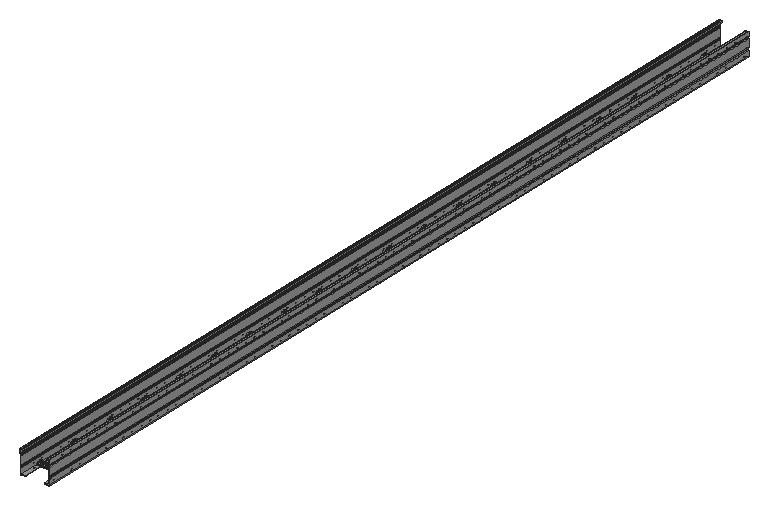
Revit family "Weitspannkabelleiter WKLG1620 FT,FS FT SO A4.23.08", category Generic Models, Revit 2017 (continued)
Automatic sketch dimensions
  Extrusion 1 sketch curve to Extrusion 1 sketch curve = 0.7 mm
  Extrusion 1 sketch curve to plane 6 = 1.862 mm
  Extrusion 1 sketch curve to Extrusion 1 sketch curve = 0.671 mm
  Extrusion 1 sketch curve to Extrusion 1 sketch curve = 2 mm  (x2)
  plane 8 to Extrusion 1 sketch curve = 0.308 mm
  plane 13 to Extrusion 1 sketch curve = 0.776 mm
  Extrusion 1 sketch curve to plane 6 = 0.623 mm
  Extrusion 1 sketch curve to plane 13 = 0.402 mm
  Extrusion 1 sketch curve to Extrusion 1 sketch curve = 1.531 mm
  Extrusion 1 sketch curve to Extrusion 1 sketch curve = 0.5 mm  (x5)
  plane 13 to Extrusion 1 sketch curve = 0.348 mm
  plane 15 to Extrusion 1 sketch curve = 0.369 mm
  Extrusion 1 sketch curve to Extrusion 1 sketch curve = 0.219 mm
  Extrusion 1 sketch curve to plane 4 = 2.104 mm
  Extrusion 1 sketch curve to Extrusion 1 sketch curve = 1 mm  (x3)
  Extrusion 1 sketch curve to plane 13 = 0.974 mm
  Extrusion 1 sketch curve to plane 5 = 2 mm
  Extrusion 1 sketch curve to Extrusion 1 sketch curve = 14 mm  (x2)
  Extrusion 1 sketch curve to Extrusion 1 sketch curve = 31.5 mm  (x2)
  plane 3 "Center (Left/Right)" to Extrusion 1 sketch curve = 65 mm
  Extrusion 1 sketch curve to plane 5 = 2.5 mm
  plane 3 "Center (Left/Right)" to Extrusion 1 sketch curve = 80 mm
  Extrusion 1 sketch curve to plane 15 = 0.877 mm
  Extrusion 1 sketch curve to Extrusion 1 sketch curve = 29.5 mm
  Extrusion 1 sketch curve to plane 4 = 3.793 mm
  Extrusion 1 sketch curve to Extrusion 1 sketch curve = 0.726 mm
  plane 6 to Extrusion 1 sketch curve = 2.076 mm
  Extrusion 1 sketch curve to Extrusion 1 sketch curve = 13.247 mm
  plane 13 to Extrusion 1 sketch curve = 3.336 mm
  Extrusion 1 sketch curve to Extrusion 1 sketch curve = 0.438 mm
  Extrusion 1 sketch curve to plane 6 = 2.293 mm
  Extrusion 1 sketch curve to Extrusion 1 sketch curve = 0.575 mm
  plane 8 to Extrusion 1 sketch curve = 1.38 mm
  Extrusion 1 sketch curve to Extrusion 1 sketch curve = 0.753 mm
  plane 7 to Extrusion 1 sketch curve = 0.908 mm
  Extrusion 1 sketch curve to Extrusion 1 sketch curve = 0.677 mm
  Extrusion 1 sketch curve to plane 5 = 3.5 mm
  Extrusion 1 sketch curve to plane 13 = 0.473 mm
  Extrusion 1 sketch curve to Extrusion 1 sketch curve = 0.836 mm
  level to Extrusion 1 sketch curve = 3.5 mm
  plane 6 to Extrusion 1 sketch curve = 1.076 mm
  Extrusion 1 sketch curve to Extrusion 1 sketch curve = 1.402 mm
  Extrusion 1 sketch curve to plane 4 = 2.85 mm
  Extrusion 1 sketch curve to Extrusion 1 sketch curve = 1.764 mm
  Extrusion 1 sketch curve to plane 6 = 0.879 mm
  plane 4 to Extrusion 1 sketch curve = 2.377 mm
  Extrusion 1 sketch curve to plane 15 = 0.125 mm
  Extrusion 1 sketch curve to Extrusion 1 sketch curve = 3 mm
  Extrusion 1 sketch curve to plane 6 = 4.031 mm
  Extrusion 1 sketch curve to plane 6 = 2.617 mm
  Extrusion 1 sketch curve to Extrusion 1 sketch curve = 1.414 mm
  Extrusion 1 sketch curve to plane 8 = 0.62 mm
  Extrusion 1 sketch curve to Extrusion 1 sketch curve = 1.732 mm
  level to Extrusion 1 sketch curve = 2 mm
  Extrusion 2 sketch curve to Extrusion 2 sketch curve = 0.938 mm  (x2)
  Extrusion 2 sketch curve to Extrusion 2 sketch curve = 0.5 mm  (x2)
  Extrusion 3 sketch curve to Extrusion 3 sketch curve = 0.938 mm  (x2)
  Extrusion 3 sketch curve to Extrusion 3 sketch curve = 0.5 mm  (x2)
  Extrusion 4 sketch curve to Extrusion 4 sketch curve = 0.938 mm  (x2)
  Extrusion 4 sketch curve to Extrusion 4 sketch curve = 0.5 mm  (x2)
  Extrusion 5 sketch curve to Extrusion 5 sketch curve = 0.938 mm  (x2)
  Extrusion 5 sketch curve to Extrusion 5 sketch curve = 0.5 mm  (x2)
  Extrusion 6 sketch curve to Extrusion 6 sketch curve = 0.938 mm  (x2)
  Extrusion 6 sketch curve to Extrusion 6 sketch curve = 0.5 mm  (x2)
  Extrusion 7 sketch curve to Extrusion 7 sketch curve = 0.938 mm  (x2)
  Extrusion 7 sketch curve to Extrusion 7 sketch curve = 0.5 mm  (x2)
  Extrusion 8 sketch curve to Extrusion 8 sketch curve = 0.938 mm  (x2)
  Extrusion 8 sketch curve to Extrusion 8 sketch curve = 0.5 mm  (x2)
  Extrusion 9 sketch curve to Extrusion 9 sketch curve = 0.938 mm  (x2)
  Extrusion 9 sketch curve to Extrusion 9 sketch curve = 0.5 mm  (x2)
  Extrusion 10 sketch curve to Extrusion 10 sketch curve = 0.938 mm  (x2)
  Extrusion 10 sketch curve to Extrusion 10 sketch curve = 0.5 mm  (x2)
  Extrusion 11 sketch curve to Extrusion 11 sketch curve = 0.938 mm  (x2)
  Extrusion 11 sketch curve to Extrusion 11 sketch curve = 0.5 mm  (x2)
  Extrusion 12 sketch curve to Extrusion 12 sketch curve = 0.938 mm  (x2)
  Extrusion 12 sketch curve to Extrusion 12 sketch curve = 0.5 mm  (x2)
  Extrusion 13 sketch curve to Extrusion 13 sketch curve = 0.938 mm  (x2)
  Extrusion 13 sketch curve to Extrusion 13 sketch curve = 0.5 mm  (x2)
  Extrusion 14 sketch curve to Extrusion 14 sketch curve = 0.938 mm  (x2)
  Extrusion 14 sketch curve to Extrusion 14 sketch curve = 0.5 mm  (x2)
  Extrusion 15 sketch curve to Extrusion 15 sketch curve = 0.938 mm  (x2)
  Extrusion 15 sketch curve to Extrusion 15 sketch curve = 0.5 mm  (x2)
  Extrusion 16 sketch curve to Extrusion 16 sketch curve = 0.938 mm  (x2)
  Extrusion 16 sketch curve to Extrusion 16 sketch curve = 0.5 mm  (x2)
  Extrusion 17 sketch curve to Extrusion 17 sketch curve = 0.938 mm  (x2)
  Extrusion 17 sketch curve to Extrusion 17 sketch curve = 0.5 mm  (x2)
  Extrusion 18 sketch curve to Extrusion 18 sketch curve = 0.938 mm  (x2)
  Extrusion 18 sketch curve to Extrusion 18 sketch curve = 0.5 mm  (x2)
  Extrusion 19 sketch curve to Extrusion 19 sketch curve = 0.938 mm  (x2)
  Extrusion 19 sketch curve to Extrusion 19 sketch curve = 0.5 mm  (x2)
  Extrusion 20 sketch curve to Extrusion 20 sketch curve = 0.938 mm  (x2)
  Extrusion 20 sketch curve to Extrusion 20 sketch curve = 0.5 mm  (x2)
  Extrusion 21 sketch curve to Extrusion 21 sketch curve = 0.938 mm  (x2)
  Extrusion 21 sketch curve to Extrusion 21 sketch curve = 0.5 mm  (x2)
  Extrusion 22 sketch curve to Extrusion 22 sketch curve = 0.938 mm  (x2)
  Extrusion 22 sketch curve to Extrusion 22 sketch curve = 0.5 mm  (x2)
  Extrusion 23 sketch curve to Extrusion 23 sketch curve = 0.938 mm  (x2)
  Extrusion 23 sketch curve to Extrusion 23 sketch curve = 0.5 mm  (x2)
  Extrusion 24 sketch curve to Extrusion 24 sketch curve = 0.938 mm  (x2)
  Extrusion 24 sketch curve to Extrusion 24 sketch curve = 0.5 mm  (x2)
  Extrusion 25 sketch curve to Extrusion 25 sketch curve = 0.938 mm  (x2)
  Extrusion 25 sketch curve to Extrusion 25 sketch curve = 0.5 mm  (x2)
  Extrusion 26 sketch curve to Extrusion 26 sketch curve = 0.938 mm  (x2)
  Extrusion 26 sketch curve to Extrusion 26 sketch curve = 0.5 mm  (x2)
  Extrusion 27 sketch curve to Extrusion 27 sketch curve = 0.938 mm  (x2)
  Extrusion 27 sketch curve to Extrusion 27 sketch curve = 0.5 mm  (x2)
  Extrusion 28 sketch curve to Extrusion 28 sketch curve = 0.938 mm  (x2)
  Extrusion 28 sketch curve to Extrusion 28 sketch curve = 0.5 mm  (x2)
  Extrusion 29 sketch curve to Extrusion 29 sketch curve = 0.938 mm  (x2)
  Extrusion 29 sketch curve to Extrusion 29 sketch curve = 0.5 mm  (x2)
  Extrusion 30 sketch curve to Extrusion 30 sketch curve = 0.938 mm  (x2)
  Extrusion 30 sketch curve to Extrusion 30 sketch curve = 0.5 mm  (x2)
  Extrusion 31 sketch curve to Extrusion 31 sketch curve = 0.938 mm  (x2)
  Extrusion 31 sketch curve to Extrusion 31 sketch curve = 0.5 mm  (x2)
  Extrusion 32 sketch curve to Extrusion 32 sketch curve = 0.938 mm  (x2)
  Extrusion 32 sketch curve to Extrusion 32 sketch curve = 0.5 mm  (x2)
  Extrusion 33 sketch curve to Extrusion 33 sketch curve = 0.938 mm  (x2)
  Extrusion 33 sketch curve to Extrusion 33 sketch curve = 0.5 mm  (x2)
  Extrusion 34 sketch curve to Extrusion 34 sketch curve = 0.938 mm  (x2)
  Extrusion 34 sketch curve to Extrusion 34 sketch curve = 0.5 mm  (x2)
  Extrusion 35 sketch curve to Extrusion 35 sketch curve = 0.938 mm  (x2)
  Extrusion 35 sketch curve to Extrusion 35 sketch curve = 0.5 mm  (x2)
  Extrusion 36 sketch curve to Extrusion 36 sketch curve = 0.938 mm  (x2)
  Extrusion 36 sketch curve to Extrusion 36 sketch curve = 0.5 mm  (x2)
  Extrusion 37 sketch curve to Extrusion 37 sketch curve = 0.938 mm  (x2)
  Extrusion 37 sketch curve to Extrusion 37 sketch curve = 0.5 mm  (x2)
  Extrusion 38 sketch curve to Extrusion 38 sketch curve = 0.938 mm  (x2)
  Extrusion 38 sketch curve to Extrusion 38 sketch curve = 0.5 mm  (x2)
  Extrusion 39 sketch curve to Extrusion 39 sketch curve = 0.938 mm  (x2)
  Extrusion 39 sketch curve to Extrusion 39 sketch curve = 0.5 mm  (x2)
  Extrusion 40 sketch curve to Extrusion 40 sketch curve = 0.938 mm  (x2)
  Extrusion 40 sketch curve to Extrusion 40 sketch curve = 0.5 mm  (x2)
  Extrusion 41 sketch curve to Extrusion 41 sketch curve = 0.938 mm  (x2)
  Extrusion 41 sketch curve to Extrusion 41 sketch curve = 0.5 mm  (x2)
  Extrusion 42 sketch curve to Extrusion 42 sketch curve = 0.938 mm  (x2)
  Extrusion 42 sketch curve to Extrusion 42 sketch curve = 0.5 mm  (x2)
  Extrusion 43 sketch curve to Extrusion 43 sketch curve = 0.938 mm  (x2)
  Extrusion 43 sketch curve to Extrusion 43 sketch curve = 0.5 mm  (x2)
  Extrusion 44 sketch curve to Extrusion 44 sketch curve = 0.938 mm  (x2)
  Extrusion 44 sketch curve to Extrusion 44 sketch curve = 0.5 mm  (x2)
  Extrusion 45 sketch curve to Extrusion 45 sketch curve = 0.938 mm  (x2)
  Extrusion 45 sketch curve to Extrusion 45 sketch curve = 0.5 mm  (x2)
  Extrusion 46 sketch curve to Extrusion 46 sketch curve = 0.938 mm  (x2)
  Extrusion 46 sketch curve to Extrusion 46 sketch curve = 0.5 mm  (x2)
  Extrusion 47 sketch curve to Extrusion 47 sketch curve = 0.938 mm  (x2)
  Extrusion 47 sketch curve to Extrusion 47 sketch curve = 0.5 mm  (x2)
  Extrusion 48 sketch curve to Extrusion 48 sketch curve = 0.938 mm  (x2)
  Extrusion 48 sketch curve to Extrusion 48 sketch curve = 0.5 mm  (x2)
  Extrusion 49 sketch curve to Extrusion 49 sketch curve = 0.938 mm  (x2)
  Extrusion 49 sketch curve to Extrusion 49 sketch curve = 0.5 mm  (x2)
  Extrusion 50 sketch curve to Extrusion 50 sketch curve = 0.938 mm  (x2)
  Extrusion 50 sketch curve to Extrusion 50 sketch curve = 0.5 mm  (x2)
  Extrusion 51 sketch curve to Extrusion 51 sketch curve = 0.938 mm  (x2)
  Extrusion 51 sketch curve to Extrusion 51 sketch curve = 0.5 mm  (x2)
  Extrusion 52 sketch curve to Extrusion 52 sketch curve = 0.938 mm  (x2)
  Extrusion 52 sketch curve to Extrusion 52 sketch curve = 0.5 mm  (x2)
  Extrusion 53 sketch curve to Extrusion 53 sketch curve = 0.938 mm  (x2)
  Extrusion 53 sketch curve to Extrusion 53 sketch curve = 0.5 mm  (x2)
  Extrusion 54 sketch curve to Extrusion 54 sketch curve = 0.938 mm  (x2)
  Extrusion 54 sketch curve to Extrusion 54 sketch curve = 0.5 mm  (x2)
  Extrusion 55 sketch curve to Extrusion 55 sketch curve = 0.938 mm  (x2)
  Extrusion 55 sketch curve to Extrusion 55 sketch curve = 0.5 mm  (x2)
  Extrusion 56 sketch curve to Extrusion 56 sketch curve = 0.938 mm  (x2)
  Extrusion 56 sketch curve to Extrusion 56 sketch curve = 0.5 mm  (x2)
  Extrusion 57 sketch curve to Extrusion 57 sketch curve = 0.938 mm  (x2)
  Extrusion 57 sketch curve to Extrusion 57 sketch curve = 0.5 mm  (x2)
  Extrusion 58 sketch curve to Extrusion 58 sketch curve = 0.938 mm  (x2)
  Extrusion 58 sketch curve to Extrusion 58 sketch curve = 0.5 mm  (x2)
  Extrusion 59 sketch curve to Extrusion 59 sketch curve = 0.938 mm  (x2)
  Extrusion 59 sketch curve to Extrusion 59 sketch curve = 0.5 mm  (x2)
  Extrusion 60 sketch curve to Extrusion 60 sketch curve = 0.938 mm  (x2)
  Extrusion 60 sketch curve to Extrusion 60 sketch curve = 0.5 mm  (x2)
  Extrusion 61 sketch curve to Extrusion 61 sketch curve = 0.938 mm  (x2)
  Extrusion 61 sketch curve to Extrusion 61 sketch curve = 0.5 mm  (x2)
  Extrusion 62 sketch curve to Extrusion 62 sketch curve = 0.938 mm  (x2)
  Extrusion 62 sketch curve to Extrusion 62 sketch curve = 0.5 mm  (x2)
  Extrusion 63 sketch curve to Extrusion 63 sketch curve = 0.938 mm  (x2)
  Extrusion 63 sketch curve to Extrusion 63 sketch curve = 0.5 mm  (x2)
  Extrusion 64 sketch curve to Extrusion 64 sketch curve = 0.938 mm  (x2)
  Extrusion 64 sketch curve to Extrusion 64 sketch curve = 0.5 mm  (x2)
  Extrusion 65 sketch curve to Extrusion 65 sketch curve = 0.938 mm  (x2)
  Extrusion 65 sketch curve to Extrusion 65 sketch curve = 0.5 mm  (x2)
  Extrusion 66 sketch curve to Extrusion 66 sketch curve = 0.938 mm  (x2)
  Extrusion 66 sketch curve to Extrusion 66 sketch curve = 0.5 mm  (x2)
  Extrusion 67 sketch curve to Extrusion 67 sketch curve = 0.938 mm  (x2)
  Extrusion 67 sketch curve to Extrusion 67 sketch curve = 0.5 mm  (x2)
  Extrusion 68 sketch curve to Extrusion 68 sketch curve = 0.938 mm  (x2)
  Extrusion 68 sketch curve to Extrusion 68 sketch curve = 0.5 mm  (x2)
  Extrusion 69 sketch curve to Extrusion 69 sketch curve = 0.938 mm  (x2)
  Extrusion 69 sketch curve to Extrusion 69 sketch curve = 0.5 mm  (x2)
  Extrusion 70 sketch curve to Extrusion 70 sketch curve = 0.938 mm  (x2)
  Extrusion 70 sketch curve to Extrusion 70 sketch curve = 0.5 mm  (x2)
  Extrusion 71 sketch curve to Extrusion 71 sketch curve = 0.938 mm  (x2)
  Extrusion 71 sketch curve to Extrusion 71 sketch curve = 0.5 mm  (x2)
  Extrusion 72 sketch curve to Extrusion 72 sketch curve = 0.938 mm  (x2)
  Extrusion 72 sketch curve to Extrusion 72 sketch curve = 0.5 mm  (x2)
  Extrusion 73 sketch curve to Extrusion 73 sketch curve = 0.938 mm  (x2)
  Extrusion 73 sketch curve to Extrusion 73 sketch curve = 0.5 mm  (x2)
  Extrusion 74 sketch curve to Extrusion 74 sketch curve = 0.938 mm  (x2)
  Extrusion 74 sketch curve to Extrusion 74 sketch curve = 0.5 mm  (x2)
  Extrusion 75 sketch curve to Extrusion 75 sketch curve = 0.938 mm  (x2)
  Extrusion 75 sketch curve to Extrusion 75 sketch curve = 0.5 mm  (x2)
  Extrusion 76 sketch curve to Extrusion 76 sketch curve = 0.938 mm  (x2)
  Extrusion 76 sketch curve to Extrusion 76 sketch curve = 0.5 mm  (x2)
  Extrusion 77 sketch curve to Extrusion 77 sketch curve = 0.938 mm  (x2)
  Extrusion 77 sketch curve to Extrusion 77 sketch curve = 0.5 mm  (x2)
  Extrusion 78 sketch curve to Extrusion 78 sketch curve = 0.938 mm  (x2)
  Extrusion 78 sketch curve to Extrusion 78 sketch curve = 0.5 mm  (x2)
  Extrusion 79 sketch curve to Extrusion 79 sketch curve = 0.938 mm  (x2)
  Extrusion 79 sketch curve to Extrusion 79 sketch curve = 0.5 mm  (x2)
  Extrusion 80 sketch curve to Extrusion 80 sketch curve = 0.938 mm  (x2)
  Extrusion 80 sketch curve to Extrusion 80 sketch curve = 0.5 mm  (x2)
  Extrusion 81 sketch curve to Extrusion 81 sketch curve = 0.938 mm  (x2)
  Extrusion 81 sketch curve to Extrusion 81 sketch curve = 0.5 mm  (x2)
  Extrusion 82 sketch curve to Extrusion 82 sketch curve = 0.5 mm  (x3)
  Extrusion 82 sketch curve to Extrusion 82 sketch curve = 0.542 mm
  Extrusion 83 sketch curve to Extrusion 83 sketch curve = 0.5 mm  (x3)
  Extrusion 83 sketch curve to Extrusion 83 sketch curve = 0.542 mm
  Extrusion 84 sketch curve to Extrusion 84 sketch curve = 0.5 mm  (x3)
  Extrusion 84 sketch curve to Extrusion 84 sketch curve = 0.542 mm
  Extrusion 85 sketch curve to Extrusion 85 sketch curve = 0.5 mm  (x3)
  Extrusion 85 sketch curve to Extrusion 85 sketch curve = 0.542 mm
  Extrusion 86 sketch curve to Extrusion 86 sketch curve = 0.5 mm  (x3)
  Extrusion 86 sketch curve to Extrusion 86 sketch curve = 0.542 mm
  Extrusion 87 sketch curve to Extrusion 87 sketch curve = 0.5 mm  (x3)
  Extrusion 87 sketch curve to Extrusion 87 sketch curve = 0.542 mm
  Extrusion 88 sketch curve to Extrusion 88 sketch curve = 0.5 mm  (x3)
  Extrusion 88 sketch curve to Extrusion 88 sketch curve = 0.542 mm
  Extrusion 89 sketch curve to Extrusion 89 sketch curve = 0.5 mm  (x3)
  Extrusion 89 sketch curve to Extrusion 89 sketch curve = 0.542 mm
  Extrusion 90 sketch curve to Extrusion 90 sketch curve = 0.5 mm  (x3)
  Extrusion 90 sketch curve to Extrusion 90 sketch curve = 0.542 mm
  Extrusion 91 sketch curve to Extrusion 91 sketch curve = 0.5 mm  (x3)
  Extrusion 91 sketch curve to Extrusion 91 sketch curve = 0.542 mm
  Extrusion 92 sketch curve to Extrusion 92 sketch curve = 0.5 mm  (x3)
  Extrusion 92 sketch curve to Extrusion 92 sketch curve = 0.542 mm
  Extrusion 93 sketch curve to Extrusion 93 sketch curve = 0.5 mm  (x3)
  Extrusion 93 sketch curve to Extrusion 93 sketch curve = 0.542 mm
  Extrusion 94 sketch curve to Extrusion 94 sketch curve = 0.5 mm  (x3)
  Extrusion 94 sketch curve to Extrusion 94 sketch curve = 0.542 mm
  Extrusion 95 sketch curve to Extrusion 95 sketch curve = 0.5 mm  (x3)
  Extrusion 95 sketch curve to Extrusion 95 sketch curve = 0.542 mm
  Extrusion 96 sketch curve to Extrusion 96 sketch curve = 0.5 mm  (x3)
  Extrusion 96 sketch curve to Extrusion 96 sketch curve = 0.542 mm
  Extrusion 97 sketch curve to Extrusion 97 sketch curve = 0.5 mm  (x3)
  Extrusion 97 sketch curve to Extrusion 97 sketch curve = 0.542 mm
  Extrusion 98 sketch curve to Extrusion 98 sketch curve = 0.5 mm  (x3)
  Extrusion 98 sketch curve to Extrusion 98 sketch curve = 0.542 mm
  Extrusion 99 sketch curve to Extrusion 99 sketch curve = 0.5 mm  (x3)
  Extrusion 99 sketch curve to Extrusion 99 sketch curve = 0.542 mm
  Extrusion 100 sketch curve to Extrusion 100 sketch curve = 0.5 mm  (x3)
  Extrusion 100 sketch curve to Extrusion 100 sketch curve = 0.542 mm
  Extrusion 101 sketch curve to Extrusion 101 sketch curve = 0.5 mm  (x3)
  Extrusion 101 sketch curve to Extrusion 101 sketch curve = 0.542 mm
  Extrusion 102 sketch curve to Extrusion 102 sketch curve = 0.5 mm  (x3)
  Extrusion 102 sketch curve to Extrusion 102 sketch curve = 0.542 mm
  Extrusion 103 sketch curve to Extrusion 103 sketch curve = 0.5 mm  (x3)
  Extrusion 103 sketch curve to Extrusion 103 sketch curve = 0.542 mm
  Extrusion 104 sketch curve to Extrusion 104 sketch curve = 0.5 mm  (x3)
  Extrusion 104 sketch curve to Extrusion 104 sketch curve = 0.542 mm
  Extrusion 105 sketch curve to Extrusion 105 sketch curve = 0.5 mm  (x3)
  Extrusion 105 sketch curve to Extrusion 105 sketch curve = 0.542 mm
  Extrusion 106 sketch curve to Extrusion 106 sketch curve = 0.5 mm  (x3)
  Extrusion 106 sketch curve to Extrusion 106 sketch curve = 0.542 mm
  Extrusion 107 sketch curve to Extrusion 107 sketch curve = 0.5 mm  (x3)
  Extrusion 107 sketch curve to Extrusion 107 sketch curve = 0.542 mm
  Extrusion 108 sketch curve to Extrusion 108 sketch curve = 0.5 mm  (x3)
  Extrusion 108 sketch curve to Extrusion 108 sketch curve = 0.542 mm
  Extrusion 109 sketch curve to Extrusion 109 sketch curve = 0.5 mm  (x3)
  Extrusion 109 sketch curve to Extrusion 109 sketch curve = 0.542 mm
  Extrusion 110 sketch curve to Extrusion 110 sketch curve = 0.5 mm  (x3)
  Extrusion 110 sketch curve to Extrusion 110 sketch curve = 0.542 mm
  Extrusion 111 sketch curve to Extrusion 111 sketch curve = 0.5 mm  (x3)
  Extrusion 111 sketch curve to Extrusion 111 sketch curve = 0.542 mm
  Extrusion 112 sketch curve to Extrusion 112 sketch curve = 0.5 mm  (x3)
  Extrusion 112 sketch curve to Extrusion 112 sketch curve = 0.542 mm
  Extrusion 113 sketch curve to Extrusion 113 sketch curve = 0.5 mm  (x3)
  Extrusion 113 sketch curve to Extrusion 113 sketch curve = 0.542 mm
  Extrusion 114 sketch curve to Extrusion 114 sketch curve = 0.5 mm  (x3)
  Extrusion 114 sketch curve to Extrusion 114 sketch curve = 0.542 mm
  Extrusion 115 sketch curve to Extrusion 115 sketch curve = 0.5 mm  (x3)
  Extrusion 115 sketch curve to Extrusion 115 sketch curve = 0.542 mm
  Extrusion 116 sketch curve to Extrusion 116 sketch curve = 0.5 mm  (x3)
  Extrusion 116 sketch curve to Extrusion 116 sketch curve = 0.542 mm
  Extrusion 117 sketch curve to Extrusion 117 sketch curve = 0.5 mm  (x3)
  Extrusion 117 sketch curve to Extrusion 117 sketch curve = 0.542 mm
  Extrusion 118 sketch curve to Extrusion 118 sketch curve = 0.5 mm  (x3)
  Extrusion 118 sketch curve to Extrusion 118 sketch curve = 0.542 mm
  Extrusion 119 sketch curve to Extrusion 119 sketch curve = 0.5 mm  (x3)
  Extrusion 119 sketch curve to Extrusion 119 sketch curve = 0.542 mm
  Extrusion 120 sketch curve to Extrusion 120 sketch curve = 0.5 mm  (x3)
  Extrusion 120 sketch curve to Extrusion 120 sketch curve = 0.542 mm
  Extrusion 121 sketch curve to Extrusion 121 sketch curve = 0.5 mm  (x3)
  Extrusion 121 sketch curve to Extrusion 121 sketch curve = 0.542 mm
  Extrusion 122 sketch curve to Extrusion 122 sketch curve = 0.5 mm  (x3)
  Extrusion 122 sketch curve to Extrusion 122 sketch curve = 0.542 mm
  Extrusion 123 sketch curve to Extrusion 123 sketch curve = 0.5 mm  (x3)
  Extrusion 123 sketch curve to Extrusion 123 sketch curve = 0.542 mm
  Extrusion 124 sketch curve to Extrusion 124 sketch curve = 0.5 mm  (x3)
  Extrusion 124 sketch curve to Extrusion 124 sketch curve = 0.542 mm
  Extrusion 125 sketch curve to Extrusion 125 sketch curve = 0.5 mm  (x3)
  Extrusion 125 sketch curve to Extrusion 125 sketch curve = 0.542 mm
  Extrusion 126 sketch curve to Extrusion 126 sketch curve = 0.5 mm  (x3)
  Extrusion 126 sketch curve to Extrusion 126 sketch curve = 0.542 mm
  Extrusion 127 sketch curve to Extrusion 127 sketch curve = 0.5 mm  (x3)
  Extrusion 127 sketch curve to Extrusion 127 sketch curve = 0.542 mm
  Extrusion 128 sketch curve to Extrusion 128 sketch curve = 0.5 mm  (x3)
  Extrusion 128 sketch curve to Extrusion 128 sketch curve = 0.542 mm
  Extrusion 129 sketch curve to Extrusion 129 sketch curve = 0.5 mm  (x3)
  Extrusion 129 sketch curve to Extrusion 129 sketch curve = 0.542 mm
  Extrusion 130 sketch curve to Extrusion 130 sketch curve = 0.5 mm  (x3)
  Extrusion 130 sketch curve to Extrusion 130 sketch curve = 0.542 mm
  Extrusion 131 sketch curve to Extrusion 131 sketch curve = 0.5 mm  (x3)
  Extrusion 131 sketch curve to Extrusion 131 sketch curve = 0.542 mm
  Extrusion 132 sketch curve to Extrusion 132 sketch curve = 0.5 mm  (x3)
  Extrusion 132 sketch curve to Extrusion 132 sketch curve = 0.542 mm
  Extrusion 133 sketch curve to Extrusion 133 sketch curve = 0.5 mm  (x3)
  Extrusion 133 sketch curve to Extrusion 133 sketch curve = 0.542 mm
  Extrusion 134 sketch curve to Extrusion 134 sketch curve = 0.5 mm  (x3)
  Extrusion 134 sketch curve to Extrusion 134 sketch curve = 0.542 mm
  Extrusion 135 sketch curve to Extrusion 135 sketch curve = 0.5 mm  (x3)
  Extrusion 135 sketch curve to Extrusion 135 sketch curve = 0.542 mm
  Extrusion 136 sketch curve to Extrusion 136 sketch curve = 0.5 mm  (x3)
  Extrusion 136 sketch curve to Extrusion 136 sketch curve = 0.542 mm
  Extrusion 137 sketch curve to Extrusion 137 sketch curve = 0.5 mm  (x3)
  Extrusion 137 sketch curve to Extrusion 137 sketch curve = 0.542 mm
  Extrusion 138 sketch curve to Extrusion 138 sketch curve = 0.5 mm  (x3)
  Extrusion 138 sketch curve to Extrusion 138 sketch curve = 0.542 mm
  Extrusion 139 sketch curve to Extrusion 139 sketch curve = 0.5 mm  (x3)
  Extrusion 139 sketch curve to Extrusion 139 sketch curve = 0.542 mm
  Extrusion 140 sketch curve to Extrusion 140 sketch curve = 0.5 mm  (x3)
  Extrusion 140 sketch curve to Extrusion 140 sketch curve = 0.542 mm
  Extrusion 141 sketch curve to Extrusion 141 sketch curve = 0.5 mm  (x3)
  Extrusion 141 sketch curve to Extrusion 141 sketch curve = 0.542 mm
  Extrusion 142 sketch curve to Extrusion 142 sketch curve = 0.5 mm  (x3)
  Extrusion 142 sketch curve to Extrusion 142 sketch curve = 0.542 mm
  Extrusion 143 sketch curve to Extrusion 143 sketch curve = 0.5 mm  (x3)
  Extrusion 143 sketch curve to Extrusion 143 sketch curve = 0.542 mm
  Extrusion 144 sketch curve to Extrusion 144 sketch curve = 0.5 mm  (x3)
  Extrusion 144 sketch curve to Extrusion 144 sketch curve = 0.542 mm
  Extrusion 145 sketch curve to Extrusion 145 sketch curve = 0.5 mm  (x3)
  Extrusion 145 sketch curve to Extrusion 145 sketch curve = 0.542 mm
  Extrusion 146 sketch curve to Extrusion 146 sketch curve = 0.5 mm  (x3)
  Extrusion 146 sketch curve to Extrusion 146 sketch curve = 0.542 mm
  Extrusion 147 sketch curve to Extrusion 147 sketch curve = 0.5 mm  (x3)
  Extrusion 147 sketch curve to Extrusion 147 sketch curve = 0.542 mm
  Extrusion 148 sketch curve to Extrusion 148 sketch curve = 0.5 mm  (x3)
  Extrusion 148 sketch curve to Extrusion 148 sketch curve = 0.542 mm
  Extrusion 149 sketch curve to Extrusion 149 sketch curve = 0.5 mm  (x3)
  Extrusion 149 sketch curve to Extrusion 149 sketch curve = 0.542 mm
  Extrusion 150 sketch curve to Extrusion 150 sketch curve = 0.5 mm  (x3)
  Extrusion 150 sketch curve to Extrusion 150 sketch curve = 0.542 mm
  Extrusion 151 sketch curve to Extrusion 151 sketch curve = 0.5 mm  (x3)
  Extrusion 151 sketch curve to Extrusion 151 sketch curve = 0.542 mm
  Extrusion 152 sketch curve to Extrusion 152 sketch curve = 0.5 mm  (x3)
  Extrusion 152 sketch curve to Extrusion 152 sketch curve = 0.542 mm
  Extrusion 153 sketch curve to Extrusion 153 sketch curve = 0.5 mm  (x3)
  Extrusion 153 sketch curve to Extrusion 153 sketch curve = 0.542 mm
  Extrusion 154 sketch curve to Extrusion 154 sketch curve = 0.5 mm  (x3)
  Extrusion 154 sketch curve to Extrusion 154 sketch curve = 0.542 mm
  Extrusion 155 sketch curve to Extrusion 155 sketch curve = 0.5 mm  (x3)
  Extrusion 155 sketch curve to Extrusion 155 sketch curve = 0.542 mm
  Extrusion 156 sketch curve to Extrusion 156 sketch curve = 0.5 mm  (x3)
  Extrusion 156 sketch curve to Extrusion 156 sketch curve = 0.542 mm
  Extrusion 157 sketch curve to Extrusion 157 sketch curve = 0.5 mm  (x3)
  Extrusion 157 sketch curve to Extrusion 157 sketch curve = 0.542 mm
  Extrusion 158 sketch curve to Extrusion 158 sketch curve = 0.5 mm  (x3)
  Extrusion 158 sketch curve to Extrusion 158 sketch curve = 0.542 mm
  Extrusion 159 sketch curve to Extrusion 159 sketch curve = 0.5 mm  (x3)
  Extrusion 159 sketch curve to Extrusion 159 sketch curve = 0.542 mm
  Extrusion 160 sketch curve to Extrusion 160 sketch curve = 0.5 mm  (x3)
  Extrusion 160 sketch curve to Extrusion 160 sketch curve = 0.542 mm
  Extrusion 161 sketch curve to Extrusion 161 sketch curve = 0.5 mm  (x3)
  Extrusion 161 sketch curve to Extrusion 161 sketch curve = 0.542 mm
  Extrusion 162 sketch curve to Extrusion 162 sketch curve = 0.5 mm  (x4)
  Extrusion 163 sketch curve to Extrusion 163 sketch curve = 0.5 mm  (x4)
  Extrusion 164 sketch curve to Extrusion 164 sketch curve = 0.5 mm  (x4)
  Extrusion 165 sketch curve to Extrusion 165 sketch curve = 0.5 mm  (x4)
  Extrusion 166 sketch curve to Extrusion 166 sketch curve = 0.5 mm  (x4)
  Extrusion 167 sketch curve to Extrusion 167 sketch curve = 0.5 mm  (x4)
  Extrusion 168 sketch curve to Extrusion 168 sketch curve = 0.5 mm  (x4)
  Extrusion 169 sketch curve to Extrusion 169 sketch curve = 0.5 mm  (x4)
  Extrusion 170 sketch curve to Extrusion 170 sketch curve = 0.5 mm  (x4)
  Extrusion 171 sketch curve to Extrusion 171 sketch curve = 0.5 mm  (x4)
  Extrusion 172 sketch curve to Extrusion 172 sketch curve = 0.5 mm  (x4)
  Extrusion 173 sketch curve to Extrusion 173 sketch curve = 0.5 mm  (x4)
  Extrusion 174 sketch curve to Extrusion 174 sketch curve = 0.5 mm  (x4)
  Extrusion 175 sketch curve to Extrusion 175 sketch curve = 0.5 mm  (x4)
  Extrusion 176 sketch curve to Extrusion 176 sketch curve = 0.5 mm  (x4)
  Extrusion 177 sketch curve to Extrusion 177 sketch curve = 0.5 mm  (x4)
  Extrusion 178 sketch curve to Extrusion 178 sketch curve = 0.5 mm  (x4)
  Extrusion 179 sketch curve to Extrusion 179 sketch curve = 0.5 mm  (x4)
  Extrusion 180 sketch curve to Extrusion 180 sketch curve = 0.5 mm  (x4)
  Extrusion 181 sketch curve to Extrusion 181 sketch curve = 0.5 mm  (x4)
  Extrusion 182 sketch curve to Extrusion 182 sketch curve = 0.5 mm  (x4)
  Extrusion 183 sketch curve to Extrusion 183 sketch curve = 0.5 mm  (x4)
  Extrusion 184 sketch curve to Extrusion 184 sketch curve = 0.5 mm  (x4)
  Extrusion 185 sketch curve to Extrusion 185 sketch curve = 0.5 mm  (x4)
  Extrusion 186 sketch curve to Extrusion 186 sketch curve = 0.5 mm  (x4)
  Extrusion 187 sketch curve to Extrusion 187 sketch curve = 0.5 mm  (x4)
  Extrusion 188 sketch curve to Extrusion 188 sketch curve = 0.5 mm  (x4)
  Extrusion 189 sketch curve to Extrusion 189 sketch curve = 0.5 mm  (x4)
  Extrusion 190 sketch curve to Extrusion 190 sketch curve = 0.5 mm  (x4)
  Extrusion 191 sketch curve to Extrusion 191 sketch curve = 0.5 mm  (x4)
  Extrusion 192 sketch curve to Extrusion 192 sketch curve = 0.5 mm  (x4)
  Extrusion 193 sketch curve to Extrusion 193 sketch curve = 0.5 mm  (x4)
  Extrusion 194 sketch curve to Extrusion 194 sketch curve = 0.5 mm  (x4)
  Extrusion 195 sketch curve to Extrusion 195 sketch curve = 0.5 mm  (x4)
  Extrusion 196 sketch curve to Extrusion 196 sketch curve = 0.5 mm  (x4)
  Extrusion 197 sketch curve to Extrusion 197 sketch curve = 0.5 mm  (x4)
  Extrusion 198 sketch curve to Extrusion 198 sketch curve = 0.5 mm  (x4)
  Extrusion 199 sketch curve to Extrusion 199 sketch curve = 0.5 mm  (x4)
  Extrusion 200 sketch curve to Extrusion 200 sketch curve = 0.5 mm  (x4)
  Extrusion 201 sketch curve to Extrusion 201 sketch curve = 0.5 mm  (x4)
  Extrusion 202 sketch curve to Extrusion 202 sketch curve = 0.5 mm  (x4)
  Extrusion 203 sketch curve to Extrusion 203 sketch curve = 0.5 mm  (x4)
  Extrusion 204 sketch curve to Extrusion 204 sketch curve = 0.5 mm  (x4)
  Extrusion 205 sketch curve to Extrusion 205 sketch curve = 0.5 mm  (x4)
  Extrusion 206 sketch curve to Extrusion 206 sketch curve = 0.5 mm  (x4)
  Extrusion 207 sketch curve to Extrusion 207 sketch curve = 0.5 mm  (x4)
  Extrusion 208 sketch curve to Extrusion 208 sketch curve = 0.5 mm  (x4)
  Extrusion 209 sketch curve to Extrusion 209 sketch curve = 0.5 mm  (x4)
  Extrusion 210 sketch curve to Extrusion 210 sketch curve = 0.5 mm  (x4)
  Extrusion 211 sketch curve to Extrusion 211 sketch curve = 0.5 mm  (x4)
  Extrusion 212 sketch curve to Extrusion 212 sketch curve = 0.5 mm  (x4)
  Extrusion 213 sketch curve to Extrusion 213 sketch curve = 0.5 mm  (x4)
  Extrusion 214 sketch curve to Extrusion 214 sketch curve = 0.5 mm  (x4)
  Extrusion 215 sketch curve to Extrusion 215 sketch curve = 0.5 mm  (x4)
  Extrusion 216 sketch curve to Extrusion 216 sketch curve = 0.5 mm  (x4)
  Extrusion 217 sketch curve to Extrusion 217 sketch curve = 0.5 mm  (x4)
  Extrusion 218 sketch curve to Extrusion 218 sketch curve = 0.5 mm  (x4)
  Extrusion 219 sketch curve to Extrusion 219 sketch curve = 0.5 mm  (x4)
  Extrusion 220 sketch curve to Extrusion 220 sketch curve = 0.5 mm  (x4)
  Extrusion 221 sketch curve to Extrusion 221 sketch curve = 0.5 mm  (x4)
  Extrusion 222 sketch curve to Extrusion 222 sketch curve = 0.5 mm  (x4)
  Extrusion 223 sketch curve to Extrusion 223 sketch curve = 0.5 mm  (x4)
  Extrusion 224 sketch curve to Extrusion 224 sketch curve = 0.5 mm  (x4)
  Extrusion 225 sketch curve to Extrusion 225 sketch curve = 0.5 mm  (x4)
  Extrusion 226 sketch curve to Extrusion 226 sketch curve = 0.5 mm  (x4)
  Extrusion 227 sketch curve to Extrusion 227 sketch curve = 0.5 mm  (x4)
  Extrusion 228 sketch curve to Extrusion 228 sketch curve = 0.5 mm  (x4)
  Extrusion 229 sketch curve to Extrusion 229 sketch curve = 0.5 mm  (x4)
  Extrusion 230 sketch curve to Extrusion 230 sketch curve = 0.5 mm  (x4)
  Extrusion 231 sketch curve to Extrusion 231 sketch curve = 0.5 mm  (x4)
  Extrusion 232 sketch curve to Extrusion 232 sketch curve = 0.5 mm  (x4)
  Extrusion 233 sketch curve to Extrusion 233 sketch curve = 0.5 mm  (x4)
  Extrusion 234 sketch curve to Extrusion 234 sketch curve = 0.5 mm  (x4)
  Extrusion 235 sketch curve to Extrusion 235 sketch curve = 0.5 mm  (x4)
  Extrusion 236 sketch curve to Extrusion 236 sketch curve = 0.5 mm  (x4)
  Extrusion 237 sketch curve to Extrusion 237 sketch curve = 0.5 mm  (x4)
  Extrusion 238 sketch curve to Extrusion 238 sketch curve = 0.5 mm  (x4)
  Extrusion 239 sketch curve to Extrusion 239 sketch curve = 0.5 mm  (x4)
  Extrusion 240 sketch curve to Extrusion 240 sketch curve = 0.5 mm  (x4)
  Extrusion 241 sketch curve to Extrusion 241 sketch curve = 0.5 mm  (x4)
  Extrusion 242 sketch curve to Extrusion 242 sketch curve = 0.5 mm  (x3)
  Extrusion 242 sketch curve to Extrusion 242 sketch curve = 0.54 mm
  Extrusion 243 sketch curve to Extrusion 243 sketch curve = 0.5 mm  (x3)
  Extrusion 243 sketch curve to Extrusion 243 sketch curve = 0.54 mm
  Extrusion 244 sketch curve to Extrusion 244 sketch curve = 0.5 mm  (x3)
  Extrusion 244 sketch curve to Extrusion 244 sketch curve = 0.54 mm
  Extrusion 245 sketch curve to Extrusion 245 sketch curve = 0.5 mm  (x3)
  Extrusion 245 sketch curve to Extrusion 245 sketch curve = 0.54 mm
  Extrusion 246 sketch curve to Extrusion 246 sketch curve = 0.5 mm  (x3)
  Extrusion 246 sketch curve to Extrusion 246 sketch curve = 0.54 mm
  Extrusion 247 sketch curve to Extrusion 247 sketch curve = 0.5 mm  (x3)
  Extrusion 247 sketch curve to Extrusion 247 sketch curve = 0.54 mm
  Extrusion 248 sketch curve to Extrusion 248 sketch curve = 0.5 mm  (x3)
  Extrusion 248 sketch curve to Extrusion 248 sketch curve = 0.54 mm
  Extrusion 249 sketch curve to Extrusion 249 sketch curve = 0.5 mm  (x3)
  Extrusion 249 sketch curve to Extrusion 249 sketch curve = 0.54 mm
  Extrusion 250 sketch curve to Extrusion 250 sketch curve = 0.5 mm  (x3)
  Extrusion 250 sketch curve to Extrusion 250 sketch curve = 0.54 mm
  Extrusion 251 sketch curve to Extrusion 251 sketch curve = 0.5 mm  (x3)
  Extrusion 251 sketch curve to Extrusion 251 sketch curve = 0.54 mm
  Extrusion 252 sketch curve to Extrusion 252 sketch curve = 0.5 mm  (x3)
  Extrusion 252 sketch curve to Extrusion 252 sketch curve = 0.54 mm
  Extrusion 253 sketch curve to Extrusion 253 sketch curve = 0.5 mm  (x3)
  Extrusion 253 sketch curve to Extrusion 253 sketch curve = 0.54 mm
  Extrusion 254 sketch curve to Extrusion 254 sketch curve = 0.5 mm  (x3)
  Extrusion 254 sketch curve to Extrusion 254 sketch curve = 0.54 mm
  Extrusion 255 sketch curve to Extrusion 255 sketch curve = 0.5 mm  (x3)
  Extrusion 255 sketch curve to Extrusion 255 sketch curve = 0.54 mm
  Extrusion 256 sketch curve to Extrusion 256 sketch curve = 0.5 mm  (x3)
  Extrusion 256 sketch curve to Extrusion 256 sketch curve = 0.54 mm
  Extrusion 257 sketch curve to Extrusion 257 sketch curve = 0.5 mm  (x3)
  Extrusion 257 sketch curve to Extrusion 257 sketch curve = 0.54 mm
  Extrusion 258 sketch curve to Extrusion 258 sketch curve = 0.5 mm  (x3)
  Extrusion 258 sketch curve to Extrusion 258 sketch curve = 0.54 mm
  Extrusion 259 sketch curve to Extrusion 259 sketch curve = 0.5 mm  (x3)
  Extrusion 259 sketch curve to Extrusion 259 sketch curve = 0.54 mm
  Extrusion 260 sketch curve to Extrusion 260 sketch curve = 0.5 mm  (x3)
  Extrusion 260 sketch curve to Extrusion 260 sketch curve = 0.54 mm
  Extrusion 261 sketch curve to Extrusion 261 sketch curve = 0.5 mm  (x3)
  Extrusion 261 sketch curve to Extrusion 261 sketch curve = 0.54 mm
  Extrusion 262 sketch curve to Extrusion 262 sketch curve = 0.5 mm  (x3)
  Extrusion 262 sketch curve to Extrusion 262 sketch curve = 0.54 mm
  Extrusion 263 sketch curve to Extrusion 263 sketch curve = 0.5 mm  (x3)
  Extrusion 263 sketch curve to Extrusion 263 sketch curve = 0.54 mm
  Extrusion 264 sketch curve to Extrusion 264 sketch curve = 0.5 mm  (x3)
  Extrusion 264 sketch curve to Extrusion 264 sketch curve = 0.54 mm
  Extrusion 265 sketch curve to Extrusion 265 sketch curve = 0.5 mm  (x3)
  Extrusion 265 sketch curve to Extrusion 265 sketch curve = 0.54 mm
  Extrusion 266 sketch curve to Extrusion 266 sketch curve = 0.5 mm  (x3)
  Extrusion 266 sketch curve to Extrusion 266 sketch curve = 0.54 mm
  Extrusion 267 sketch curve to Extrusion 267 sketch curve = 0.5 mm  (x3)
  Extrusion 267 sketch curve to Extrusion 267 sketch curve = 0.54 mm
  Extrusion 268 sketch curve to Extrusion 268 sketch curve = 0.5 mm  (x3)
  Extrusion 268 sketch curve to Extrusion 268 sketch curve = 0.54 mm
  Extrusion 269 sketch curve to Extrusion 269 sketch curve = 0.5 mm  (x3)
  Extrusion 269 sketch curve to Extrusion 269 sketch curve = 0.54 mm
  Extrusion 270 sketch curve to Extrusion 270 sketch curve = 0.5 mm  (x3)
  Extrusion 270 sketch curve to Extrusion 270 sketch curve = 0.54 mm
  Extrusion 271 sketch curve to Extrusion 271 sketch curve = 0.5 mm  (x3)
  Extrusion 271 sketch curve to Extrusion 271 sketch curve = 0.54 mm
  Extrusion 272 sketch curve to Extrusion 272 sketch curve = 0.5 mm  (x3)
  Extrusion 272 sketch curve to Extrusion 272 sketch curve = 0.54 mm
  Extrusion 273 sketch curve to Extrusion 273 sketch curve = 0.5 mm  (x3)
  Extrusion 273 sketch curve to Extrusion 273 sketch curve = 0.54 mm
  Extrusion 274 sketch curve to Extrusion 274 sketch curve = 0.5 mm  (x3)
  Extrusion 274 sketch curve to Extrusion 274 sketch curve = 0.54 mm
  Extrusion 275 sketch curve to Extrusion 275 sketch curve = 0.5 mm  (x3)
  Extrusion 275 sketch curve to Extrusion 275 sketch curve = 0.54 mm
  Extrusion 276 sketch curve to Extrusion 276 sketch curve = 0.5 mm  (x3)
  Extrusion 276 sketch curve to Extrusion 276 sketch curve = 0.54 mm
  Extrusion 277 sketch curve to Extrusion 277 sketch curve = 0.5 mm  (x3)
  Extrusion 277 sketch curve to Extrusion 277 sketch curve = 0.54 mm
  Extrusion 278 sketch curve to Extrusion 278 sketch curve = 0.5 mm  (x3)
  Extrusion 278 sketch curve to Extrusion 278 sketch curve = 0.54 mm
  Extrusion 279 sketch curve to Extrusion 279 sketch curve = 0.5 mm  (x3)
  Extrusion 279 sketch curve to Extrusion 279 sketch curve = 0.54 mm
  Extrusion 280 sketch curve to Extrusion 280 sketch curve = 0.5 mm  (x3)
  Extrusion 280 sketch curve to Extrusion 280 sketch curve = 0.54 mm
  Extrusion 281 sketch curve to Extrusion 281 sketch curve = 0.5 mm  (x3)
  Extrusion 281 sketch curve to Extrusion 281 sketch curve = 0.54 mm
  Extrusion 282 sketch curve to Extrusion 282 sketch curve = 0.5 mm  (x3)
  Extrusion 282 sketch curve to Extrusion 282 sketch curve = 0.54 mm
  Extrusion 283 sketch curve to Extrusion 283 sketch curve = 0.5 mm  (x3)
  Extrusion 283 sketch curve to Extrusion 283 sketch curve = 0.54 mm
  Extrusion 284 sketch curve to Extrusion 284 sketch curve = 0.5 mm  (x3)
  Extrusion 284 sketch curve to Extrusion 284 sketch curve = 0.54 mm
  Extrusion 285 sketch curve to Extrusion 285 sketch curve = 0.5 mm  (x3)
  Extrusion 285 sketch curve to Extrusion 285 sketch curve = 0.54 mm
  Extrusion 286 sketch curve to Extrusion 286 sketch curve = 0.5 mm  (x3)
  Extrusion 286 sketch curve to Extrusion 286 sketch curve = 0.54 mm
  Extrusion 287 sketch curve to Extrusion 287 sketch curve = 0.5 mm  (x3)
  Extrusion 287 sketch curve to Extrusion 287 sketch curve = 0.54 mm
  Extrusion 288 sketch curve to Extrusion 288 sketch curve = 0.5 mm  (x3)
  Extrusion 288 sketch curve to Extrusion 288 sketch curve = 0.54 mm
  Extrusion 289 sketch curve to Extrusion 289 sketch curve = 0.5 mm  (x3)
  Extrusion 289 sketch curve to Extrusion 289 sketch curve = 0.54 mm
  Extrusion 290 sketch curve to Extrusion 290 sketch curve = 0.5 mm  (x3)
  Extrusion 290 sketch curve to Extrusion 290 sketch curve = 0.54 mm
  Extrusion 291 sketch curve to Extrusion 291 sketch curve = 0.5 mm  (x3)
  Extrusion 291 sketch curve to Extrusion 291 sketch curve = 0.54 mm
  Extrusion 292 sketch curve to Extrusion 292 sketch curve = 0.5 mm  (x3)
  Extrusion 292 sketch curve to Extrusion 292 sketch curve = 0.54 mm
  Extrusion 293 sketch curve to Extrusion 293 sketch curve = 0.5 mm  (x3)
  Extrusion 293 sketch curve to Extrusion 293 sketch curve = 0.54 mm
  Extrusion 294 sketch curve to Extrusion 294 sketch curve = 0.5 mm  (x3)
  Extrusion 294 sketch curve to Extrusion 294 sketch curve = 0.54 mm
  Extrusion 295 sketch curve to Extrusion 295 sketch curve = 0.5 mm  (x3)
  Extrusion 295 sketch curve to Extrusion 295 sketch curve = 0.54 mm
  Extrusion 296 sketch curve to Extrusion 296 sketch curve = 0.5 mm  (x3)
  Extrusion 296 sketch curve to Extrusion 296 sketch curve = 0.54 mm
  Extrusion 297 sketch curve to Extrusion 297 sketch curve = 0.5 mm  (x3)
  Extrusion 297 sketch curve to Extrusion 297 sketch curve = 0.54 mm
  Extrusion 298 sketch curve to Extrusion 298 sketch curve = 0.5 mm  (x3)
  Extrusion 298 sketch curve to Extrusion 298 sketch curve = 0.54 mm
  Extrusion 299 sketch curve to Extrusion 299 sketch curve = 0.5 mm  (x3)
  Extrusion 299 sketch curve to Extrusion 299 sketch curve = 0.54 mm
  Extrusion 300 sketch curve to Extrusion 300 sketch curve = 0.5 mm  (x3)
  Extrusion 300 sketch curve to Extrusion 300 sketch curve = 0.54 mm
  Extrusion 301 sketch curve to Extrusion 301 sketch curve = 0.5 mm  (x3)
  Extrusion 301 sketch curve to Extrusion 301 sketch curve = 0.54 mm
  Extrusion 302 sketch curve to Extrusion 302 sketch curve = 0.5 mm  (x3)
  Extrusion 302 sketch curve to Extrusion 302 sketch curve = 0.54 mm
  Extrusion 303 sketch curve to Extrusion 303 sketch curve = 0.5 mm  (x3)
  Extrusion 303 sketch curve to Extrusion 303 sketch curve = 0.54 mm
  Extrusion 304 sketch curve to Extrusion 304 sketch curve = 0.5 mm  (x3)
  Extrusion 304 sketch curve to Extrusion 304 sketch curve = 0.54 mm
  Extrusion 305 sketch curve to Extrusion 305 sketch curve = 0.5 mm  (x3)
  Extrusion 305 sketch curve to Extrusion 305 sketch curve = 0.54 mm
  Extrusion 306 sketch curve to Extrusion 306 sketch curve = 0.5 mm  (x3)
  Extrusion 306 sketch curve to Extrusion 306 sketch curve = 0.54 mm
  Extrusion 307 sketch curve to Extrusion 307 sketch curve = 0.5 mm  (x3)
  Extrusion 307 sketch curve to Extrusion 307 sketch curve = 0.54 mm
  Extrusion 308 sketch curve to Extrusion 308 sketch curve = 0.5 mm  (x3)
  Extrusion 308 sketch curve to Extrusion 308 sketch curve = 0.54 mm
  Extrusion 309 sketch curve to Extrusion 309 sketch curve = 0.5 mm  (x3)
  Extrusion 309 sketch curve to Extrusion 309 sketch curve = 0.54 mm
  Extrusion 310 sketch curve to Extrusion 310 sketch curve = 0.5 mm  (x3)
  Extrusion 310 sketch curve to Extrusion 310 sketch curve = 0.54 mm
  Extrusion 311 sketch curve to Extrusion 311 sketch curve = 0.5 mm  (x3)
  Extrusion 311 sketch curve to Extrusion 311 sketch curve = 0.54 mm
  Extrusion 312 sketch curve to Extrusion 312 sketch curve = 0.5 mm  (x3)
  Extrusion 312 sketch curve to Extrusion 312 sketch curve = 0.54 mm
  Extrusion 313 sketch curve to Extrusion 313 sketch curve = 0.5 mm  (x3)
  Extrusion 313 sketch curve to Extrusion 313 sketch curve = 0.54 mm
  Extrusion 314 sketch curve to Extrusion 314 sketch curve = 0.5 mm  (x3)
  Extrusion 314 sketch curve to Extrusion 314 sketch curve = 0.54 mm
  Extrusion 315 sketch curve to Extrusion 315 sketch curve = 0.5 mm  (x3)
  Extrusion 315 sketch curve to Extrusion 315 sketch curve = 0.54 mm
  Extrusion 316 sketch curve to Extrusion 316 sketch curve = 0.5 mm  (x3)
  Extrusion 316 sketch curve to Extrusion 316 sketch curve = 0.54 mm
  Extrusion 317 sketch curve to Extrusion 317 sketch curve = 0.5 mm  (x3)
  Extrusion 317 sketch curve to Extrusion 317 sketch curve = 0.54 mm
  Extrusion 318 sketch curve to Extrusion 318 sketch curve = 0.5 mm  (x3)
  Extrusion 318 sketch curve to Extrusion 318 sketch curve = 0.54 mm
  Extrusion 319 sketch curve to Extrusion 319 sketch curve = 0.5 mm  (x3)
  Extrusion 319 sketch curve to Extrusion 319 sketch curve = 0.54 mm
  Extrusion 320 sketch curve to Extrusion 320 sketch curve = 0.5 mm  (x3)
  Extrusion 320 sketch curve to Extrusion 320 sketch curve = 0.54 mm
  Extrusion 321 sketch curve to Extrusion 321 sketch curve = 0.5 mm  (x3)
  Extrusion 321 sketch curve to Extrusion 321 sketch curve = 0.54 mm
  Extrusion 322 sketch curve to plane 26 = 0 mm  (x2)
  Extrusion 322 sketch curve to Extrusion 322 sketch curve = 0.36 mm  (x2)
  Extrusion 322 sketch curve to Extrusion 322 sketch curve = 0.618 mm  (x2)
  Extrusion 322 sketch curve to plane 26 = 1.583 mm  (x2)
  Extrusion 322 sketch curve to plane 26 = 2.284 mm
  Extrusion 322 sketch curve to Extrusion 322 sketch curve = 0.572 mm
  Extrusion 322 sketch curve to Extrusion 322 sketch curve = 0.969 mm
  Extrusion 322 sketch curve to Extrusion 322 sketch curve = 3.884 mm
  Extrusion 322 sketch curve to plane 26 = 1.5 mm
  Extrusion 322 sketch curve to Extrusion 322 sketch curve = 3.752 mm
  Extrusion 322 sketch curve to plane 26 = 2.291 mm
  Extrusion 322 sketch curve to Extrusion 322 sketch curve = 0.978 mm
  Extrusion 322 sketch curve to Extrusion 322 sketch curve = 0.573 mm
  Extrusion 322 sketch curve to Extrusion 322 sketch curve = 2.346 mm
  Extrusion 323 sketch curve to plane 28 = 0 mm  (x2)
  Extrusion 323 sketch curve to Extrusion 323 sketch curve = 0.36 mm
  Extrusion 323 sketch curve to Extrusion 323 sketch curve = 0.618 mm  (x2)
  Extrusion 323 sketch curve to plane 28 = 1.583 mm  (x2)
  Extrusion 323 sketch curve to plane 28 = 2.284 mm
  Extrusion 323 sketch curve to Extrusion 323 sketch curve = 0.572 mm
  Extrusion 323 sketch curve to Extrusion 323 sketch curve = 0.969 mm
  Extrusion 323 sketch curve to Extrusion 323 sketch curve = 3.884 mm
  Extrusion 323 sketch curve to plane 28 = 1.5 mm
  Extrusion 323 sketch curve to Extrusion 323 sketch curve = 3.752 mm
  Extrusion 323 sketch curve to plane 28 = 2.291 mm
  Extrusion 323 sketch curve to Extrusion 323 sketch curve = 0.978 mm
  Extrusion 323 sketch curve to Extrusion 323 sketch curve = 0.573 mm
  Extrusion 323 sketch curve to Extrusion 323 sketch curve = 2.346 mm
  plane 29 to Extrusion 323 sketch curve = 0.387 mm
  plane 29 to Extrusion 323 sketch curve = 0.678 mm
  Extrusion 323 sketch curve to Extrusion 323 sketch curve = 1.596 mm
  Extrusion 323 sketch curve to Extrusion 323 sketch curve = 0.964 mm
  Extrusion 323 sketch curve to Extrusion 323 sketch curve = 16.5 mm
  Extrusion 323 sketch curve to Extrusion 323 sketch curve = 1.383 mm
  Extrusion 322 sketch curve to Extrusion 322 sketch curve = 1.596 mm
  Extrusion 322 sketch curve to Extrusion 322 sketch curve = 0.964 mm
  Extrusion 322 sketch curve to Extrusion 322 sketch curve = 1.384 mm
  Extrusion 322 sketch curve to Extrusion 322 sketch curve = 16.5 mm
  Extrusion 322 sketch curve to Extrusion 322 sketch curve = 1.383 mm
  Extrusion 324 sketch curve to plane 34 = 2.5 mm
  Extrusion 325 sketch curve to plane 40 = 2.5 mm
  Extrusion 326 sketch curve to plane 41 = 2.5 mm
  Extrusion 327 sketch curve to plane 42 = 2.5 mm
  Extrusion 328 sketch curve to plane 43 = 2.5 mm
  Extrusion 329 sketch curve to plane 44 = 2.5 mm
  Extrusion 330 sketch curve to plane 45 = 2.5 mm
  Extrusion 331 sketch curve to plane 46 = 2.5 mm
  Extrusion 332 sketch curve to plane 47 = 2.5 mm
  Extrusion 333 sketch curve to plane 48 = 2.5 mm
  Extrusion 334 sketch curve to plane 49 = 2.5 mm
  Extrusion 335 sketch curve to plane 50 = 2.5 mm
  Extrusion 336 sketch curve to plane 51 = 2.5 mm
  Extrusion 337 sketch curve to plane 52 = 2.5 mm
  Extrusion 338 sketch curve to plane 53 = 2.5 mm
  Extrusion 339 sketch curve to plane 54 = 2.5 mm
  Extrusion 340 sketch curve to plane 55 = 2.5 mm
  Extrusion 341 sketch curve to plane 56 = 2.5 mm
  Extrusion 342 sketch curve to plane 57 = 2.5 mm
  Extrusion 343 sketch curve to plane 58 = 2.5 mm
  Extrusion 344 sketch curve to plane 60 = 2.5 mm
  Extrusion 345 sketch curve to plane 61 = 2.5 mm
  Extrusion 346 sketch curve to plane 62 = 2.5 mm
  Extrusion 347 sketch curve to plane 63 = 2.5 mm
  Extrusion 348 sketch curve to plane 64 = 2.5 mm
  Extrusion 349 sketch curve to plane 65 = 2.5 mm
  Extrusion 350 sketch curve to plane 66 = 2.5 mm
  Extrusion 351 sketch curve to plane 67 = 2.5 mm
  Extrusion 352 sketch curve to plane 68 = 2.5 mm
  Extrusion 353 sketch curve to plane 69 = 2.5 mm
  Extrusion 354 sketch curve to plane 70 = 2.5 mm
  Extrusion 355 sketch curve to plane 71 = 2.5 mm
  Extrusion 356 sketch curve to plane 72 = 2.5 mm
  Extrusion 357 sketch curve to plane 73 = 2.5 mm
  Extrusion 358 sketch curve to plane 74 = 2.5 mm
  Extrusion 359 sketch curve to plane 75 = 2.5 mm
  Extrusion 360 sketch curve to plane 76 = 2.5 mm
  Extrusion 361 sketch curve to plane 77 = 2.5 mm
  Extrusion 362 sketch curve to plane 78 = 2.5 mm
  Extrusion 363 sketch curve to plane 79 = 2.5 mm
  Extrusion 404 sketch curve to plane 85 = 0 mm  (x3)
  Extrusion 404 sketch curve to plane 92 = 0 mm
  Extrusion 404 sketch curve to plane 86 = 0 mm
  plane 85 to Extrusion 404 sketch curve = 0.012 mm
  plane 89 to Extrusion 404 sketch curve = 0.069 mm
  Extrusion 405 sketch curve to plane 95 = 0 mm  (x2)
  Extrusion 405 sketch curve to Extrusion 405 sketch curve = 0.36 mm
  Extrusion 405 sketch curve to Extrusion 405 sketch curve = 0.618 mm  (x2)
  Extrusion 405 sketch curve to plane 95 = 1.583 mm  (x2)
  Extrusion 405 sketch curve to plane 95 = 2.284 mm
  Extrusion 405 sketch curve to Extrusion 405 sketch curve = 0.572 mm
  Extrusion 405 sketch curve to Extrusion 405 sketch curve = 0.969 mm
  Extrusion 405 sketch curve to Extrusion 405 sketch curve = 3.884 mm
  Extrusion 405 sketch curve to plane 95 = 1.5 mm
  Extrusion 405 sketch curve to Extrusion 405 sketch curve = 3.752 mm
  Extrusion 405 sketch curve to plane 95 = 2.291 mm
  Extrusion 405 sketch curve to Extrusion 405 sketch curve = 0.978 mm
  Extrusion 405 sketch curve to Extrusion 405 sketch curve = 0.573 mm
  Extrusion 405 sketch curve to Extrusion 405 sketch curve = 2.346 mm
  plane 96 to Extrusion 405 sketch curve = 0.387 mm
  plane 96 to Extrusion 405 sketch curve = 0.678 mm
  Extrusion 405 sketch curve to Extrusion 405 sketch curve = 1.596 mm
  Extrusion 405 sketch curve to Extrusion 405 sketch curve = 0.964 mm
  Extrusion 405 sketch curve to Extrusion 405 sketch curve = 16.5 mm
  Extrusion 405 sketch curve to Extrusion 405 sketch curve = 1.383 mm
  Extrusion 404 sketch curve to plane 92 = 30 mm
  Extrusion 406 sketch curve to plane 98 = 0 mm  (x2)
  Extrusion 406 sketch curve to Extrusion 406 sketch curve = 0.36 mm
  Extrusion 406 sketch curve to Extrusion 406 sketch curve = 0.618 mm  (x2)
  Extrusion 406 sketch curve to plane 98 = 1.583 mm  (x2)
  Extrusion 406 sketch curve to plane 98 = 2.284 mm
  Extrusion 406 sketch curve to Extrusion 406 sketch curve = 0.572 mm
  Extrusion 406 sketch curve to Extrusion 406 sketch curve = 0.969 mm
  Extrusion 406 sketch curve to Extrusion 406 sketch curve = 3.884 mm
  Extrusion 406 sketch curve to plane 98 = 1.5 mm
  Extrusion 406 sketch curve to Extrusion 406 sketch curve = 3.752 mm
  Extrusion 406 sketch curve to plane 98 = 2.291 mm
  Extrusion 406 sketch curve to Extrusion 406 sketch curve = 0.978 mm
  Extrusion 406 sketch curve to Extrusion 406 sketch curve = 0.573 mm
  Extrusion 406 sketch curve to Extrusion 406 sketch curve = 2.346 mm
  plane 99 to Extrusion 406 sketch curve = 0.387 mm
  plane 99 to Extrusion 406 sketch curve = 0.678 mm
  Extrusion 406 sketch curve to Extrusion 406 sketch curve = 1.596 mm
  Extrusion 406 sketch curve to Extrusion 406 sketch curve = 0.964 mm
  Extrusion 406 sketch curve to Extrusion 406 sketch curve = 16.5 mm
  Extrusion 406 sketch curve to Extrusion 406 sketch curve = 1.383 mm
  Extrusion 407 sketch curve to plane 100 = 0 mm  (x3)
  Extrusion 407 sketch curve to plane 104 = 0 mm
  Extrusion 407 sketch curve to plane 101 = 0 mm
  plane 100 to Extrusion 407 sketch curve = 0.012 mm
  plane 102 to Extrusion 407 sketch curve = 0.069 mm
  Extrusion 407 sketch curve to plane 104 = 30 mm
  Extrusion 408 sketch curve to plane 106 = 0 mm  (x2)
  Extrusion 408 sketch curve to Extrusion 408 sketch curve = 0.36 mm
  Extrusion 408 sketch curve to Extrusion 408 sketch curve = 0.618 mm  (x2)
  Extrusion 408 sketch curve to plane 106 = 1.583 mm  (x2)
  Extrusion 408 sketch curve to plane 106 = 2.284 mm
  Extrusion 408 sketch curve to Extrusion 408 sketch curve = 0.572 mm
  Extrusion 408 sketch curve to Extrusion 408 sketch curve = 0.969 mm
  Extrusion 408 sketch curve to Extrusion 408 sketch curve = 3.884 mm
  Extrusion 408 sketch curve to plane 106 = 1.5 mm
  Extrusion 408 sketch curve to Extrusion 408 sketch curve = 3.752 mm
  Extrusion 408 sketch curve to plane 106 = 2.291 mm
  Extrusion 408 sketch curve to Extrusion 408 sketch curve = 0.978 mm
  Extrusion 408 sketch curve to Extrusion 408 sketch curve = 0.573 mm
  Extrusion 408 sketch curve to Extrusion 408 sketch curve = 2.346 mm
  plane 107 to Extrusion 408 sketch curve = 0.387 mm
  plane 107 to Extrusion 408 sketch curve = 0.678 mm
  Extrusion 408 sketch curve to Extrusion 408 sketch curve = 1.596 mm
  Extrusion 408 sketch curve to Extrusion 408 sketch curve = 0.964 mm
  Extrusion 408 sketch curve to Extrusion 408 sketch curve = 16.5 mm
  Extrusion 408 sketch curve to Extrusion 408 sketch curve = 1.383 mm
  Extrusion 409 sketch curve to plane 108 = 0 mm  (x3)
  Extrusion 409 sketch curve to plane 112 = 0 mm
  Extrusion 409 sketch curve to plane 109 = 0 mm
  plane 108 to Extrusion 409 sketch curve = 0.012 mm
  plane 110 to Extrusion 409 sketch curve = 0.069 mm
  Extrusion 409 sketch curve to plane 112 = 30 mm
  Extrusion 410 sketch curve to plane 114 = 0 mm  (x2)
  Extrusion 410 sketch curve to Extrusion 410 sketch curve = 0.36 mm
  Extrusion 410 sketch curve to Extrusion 410 sketch curve = 0.618 mm  (x2)
  Extrusion 410 sketch curve to plane 114 = 1.583 mm  (x2)
  Extrusion 410 sketch curve to plane 114 = 2.284 mm
  Extrusion 410 sketch curve to Extrusion 410 sketch curve = 0.572 mm
  Extrusion 410 sketch curve to Extrusion 410 sketch curve = 0.969 mm
  Extrusion 410 sketch curve to Extrusion 410 sketch curve = 3.884 mm
  Extrusion 410 sketch curve to plane 114 = 1.5 mm
  Extrusion 410 sketch curve to Extrusion 410 sketch curve = 3.752 mm
  Extrusion 410 sketch curve to plane 114 = 2.291 mm
  Extrusion 410 sketch curve to Extrusion 410 sketch curve = 0.978 mm
  Extrusion 410 sketch curve to Extrusion 410 sketch curve = 0.573 mm
  Extrusion 410 sketch curve to Extrusion 410 sketch curve = 2.346 mm
  plane 115 to Extrusion 410 sketch curve = 0.387 mm
  plane 115 to Extrusion 410 sketch curve = 0.678 mm
  Extrusion 410 sketch curve to Extrusion 410 sketch curve = 1.596 mm
  Extrusion 410 sketch curve to Extrusion 410 sketch curve = 0.964 mm
  Extrusion 410 sketch curve to Extrusion 410 sketch curve = 16.5 mm
  Extrusion 410 sketch curve to Extrusion 410 sketch curve = 1.383 mm
  Extrusion 411 sketch curve to plane 116 = 0 mm  (x3)
  Extrusion 411 sketch curve to plane 120 = 0 mm
  Extrusion 411 sketch curve to plane 117 = 0 mm
  plane 116 to Extrusion 411 sketch curve = 0.012 mm
  plane 118 to Extrusion 411 sketch curve = 0.069 mm
  Extrusion 411 sketch curve to plane 120 = 30 mm
  Extrusion 412 sketch curve to plane 122 = 0 mm  (x2)
  Extrusion 412 sketch curve to Extrusion 412 sketch curve = 0.36 mm
